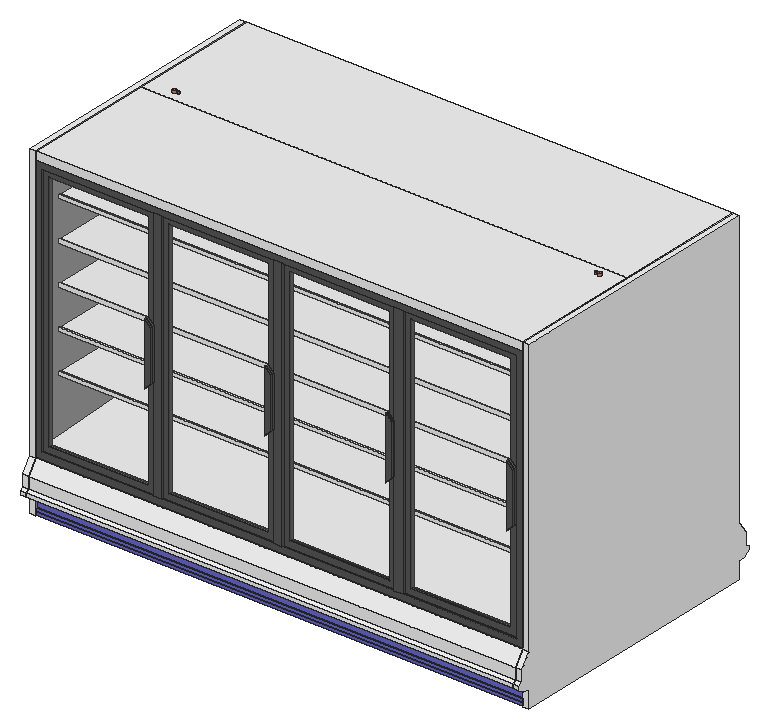
Revit family
Parameters (values of type "RLNI-4DR. Innov., Innov. II & III")
  Width = 72 1/4"
  Voltage - Electric Defrost [instance] = 208 V
  Voltage [instance] = 120 V
  URL = "www.hussmann.com"
  Type Comments = "Narrow LT Reach-In Island Merchandiser"
  Temp Sensor [instance] = "Low Voltage"
  Telephone = no
  System Control [instance] = "1.0 A"
  Revit Family Dates = "4/23/12PMA(0112)"
  Refrigerant Suction Connection Diameter [instance] = 7/8"
  Refrigerant Liquid Connection Diameter [instance] = 3/8"
  Refrig. Suction-2 [instance] = "Suction2"
  Refrig. Suction [instance] = "Suction"
  Refrig. Liquid-2 [instance] = "Liquid2"
  Refrig. Liquid [instance] = "Liquid"
  Phase [instance] = 1
  Number of Shelves = 0
  Model = "RLNI-4"
  Mirrored Right End Cap On/Off [instance] = yes
  Mirrored Left End Cap On/Off [instance] = yes
  Manufacturer = "Hussmann Corporation"
  MCA (Min Circ Amp) - 2 [instance] = 6.8 A
  MCA (Min Circ Amp) [instance] = 6.8 A
  Linear Shelf Length = 0"
  Length = 153 5/16"
  Height = 82 3/8"
  Front Height = 0"
  Frequency [instance] = 60 Hz
  Finish_Trim [instance] = Stainless Steel 2
  Finish_Top [instance] = none
  Finish_Shelf [instance] = Stainless Steel
  Finish_Handle = Metal Black-Door
  Finish_Glass [instance] = Glass 2
  Finish_Frame = Metal Black-Door
  Finish_Door [instance] = Metal Black-Door
  Finish_Case [instance] = Stainless Steel
  Finish_Bumper [instance] = Metal Blue-trim
  Finish_Base [instance] = Stainless Steel
  Elect. Defrost Amps-2 [instance] = "13.46 A"
  Elect. Defrost Amps [instance] = "13.46 A"
  Elect. Def. Amps - 2 [instance] = 13.46 A
  Elect. Def. Amps [instance] = 13.46 A
  EMS = no
  Drain Pipe Size = "1 1/4\""
  Drain Heaters-2 [instance] = 2 A
  Drain Heaters [instance] = 2 A
  Description = "Low Temperature Reach-in(Food or Ice Cream)"
  Depth = 39 3/4"
  Data = "N/A"
  Copper-Suction [instance] = Copper
  Copper-Liquid [instance] = Copper
  Case Lights-2 [instance] = 0.72 A
  Case Lights Amps-2 [instance] = "0.72 A"
  Case Lights Amps [instance] = "0.72 A"
  Case Lights [instance] = 0.72 A
  Case Fans (MCA)-2 [instance] = "6.80 A"
  Case Fans (MCA) [instance] = "6.80 A"
  Assembly Code = ""
  Accessories/Options = "N/A"
Reference planes (in)
  plane 1 "Center (Front/Back)": y = 0
  plane 2: z = 0
  plane 3: z = 13.375
  plane 4: z = 80.375
  plane 5: z = 82.375
  plane 6: x = -77.30699
  plane 7: x = 76.00551
  plane 8: x = -0.49449
  plane 9: y = -36.16436
  plane 10: y = -27.03936
  plane 11: y = -24.41436
  plane 12: y = 36.08564
  plane 13: y = 23.375
  plane 14: y = 20.75
  plane 15: x = 55.81606
  plane 16: y = -23.91436
  plane 17: y = -34.03936
  plane 18: x = 63.00551
  plane 19: x = -62.05894
  plane 20: x = 60.81606
  plane 21: x = -22.86949
  plane 22: x = 21.88051
Forms (in)
  Extrusion 1, solid, material "Stainless Steel" <- "Finish_Case"
    sketch origin (-77.30699, 3.58564, 0) x (0, 1, 0) y (0, 0, 1)
      loop
        line (-5, 4.63662) -> (-3.58564, 6.05098) -> (-3.58564, 82.375) -> (-36.8125, 82.375) -> (-36.8125, 80.375) -> (-5.25, 80.375) -> (-5.25, 8.32075) -> (-24.32494, 7.65464) -> (-25.55546, 6.42413) -> (-29.05546, 6.42413) -> (-31, 8.36867) -> (-33.25, 8.36867) -> (-33.25, 6.36867) -> (-30.25, 4.63662) -> (-5, 4.63662)
    from 15.24805 to 138.12305
  Extrusion 2, solid, material "Stainless Steel" <- "Finish_Case"
    sketch origin (-77.30699, 7.58564, 0) x (0, 1, 0) y (0, 0, 1)
      loop
        line (-37.25, 13.375) -> (-40.75, 13.06879) -> (-43.04431, 9.79218) -> (-43.04431, 7.04218) -> (-43.75, 6.33649) -> (-43.75, 5.46372) -> (-42.51777, 4.6009) -> (-40.75, 6.36867) -> (-40.75, 8.36867) -> (-37.25, 8.36867) -> (-37.25, 13.375)
    from 15.24805 to 138.12305
  Extrusion 3, solid, material "Stainless Steel" <- "Finish_Case"
    sketch origin (-77.30699, 3.58564, 0) x (0, 1, 0) y (0, 0, 1)
      loop
        line (-5.25, 80.375) -> (-32.75, 80.375) -> (-32.75, 79.30701) -> (-7.5, 78.86627) -> (-7.5, 8.24218) -> (-5.25, 8.32075) -> (-5.25, 80.375)
    from 15.24805 to 138.12305
  Extrusion 4, solid
    sketch origin (-77.30699, 3.58564, 0) x (0, 1, 0) y (0, 0, 1)
      loop
        line (-33, 79.31138) -> (-33, 78.31138) -> (-30, 78.31138) -> (-30, 79.25901) -> (-33, 79.31138)
    from 16.74805 to 136.62305
  Extrusion 5, solid, material "Stainless Steel" <- "Finish_Base"
    sketch origin (-77.30699, 3.58564, 0) x (0, 1, 0) y (0, 0, 1)
      loop
        line (-7.5, 8.24218) -> (-7.5, 14.02618) -> (-29, 14.02618) -> (-29, 11.02618)
        arc (-29, 11.02618) -> (-29.29289, 10.31907) -> (-30, 10.02618) r 1
        line (-30, 10.02618) -> (-31.25, 10.02618)
        arc (-31.25, 10.02618) -> (-31.95711, 10.31907) -> (-32.25, 11.02618) r 1
        line (-32.25, 11.02618) -> (-32.25, 13.375) -> (-33.25, 13.375) -> (-33.25, 8.36867) -> (-31, 8.36867) -> (-29.05546, 6.42413) -> (-25.55546, 6.42413) -> (-24.32494, 7.65464) -> (-7.5, 8.24218)
    from 15.24805 to 138.12305
  Extrusion 6, solid, material "Stainless Steel" <- "Finish_Shelf"
    sketch origin (-77.30699, 3.58564, 0) x (0, 1, 0) y (0, 0, 1)
      loop
        line (-7.5, 64.46157) -> (-7.5, 68.38662) -> (-8.5, 68.38662) -> (-8.5, 69.38662) -> (-29.5, 69.38662) -> (-29.5, 69.63662) -> (-29.75, 69.63662) -> (-29.75, 68.63662) -> (-29.5, 68.63662) -> (-29.5, 69.13662) -> (-26, 69.13662) -> (-26, 68.88662) -> (-13.81963, 68.88662) -> (-7.5, 64.46157)
      loop
        line (-34.54319, 13.85228) -> (-7.5, 15.26956) -> (-7.5, 16.27093) -> (-34.54319, 14.85366) -> (-34.54319, 13.85228)
      loop
        line (-7.5, 54.46157) -> (-7.5, 58.38662) -> (-8.5, 58.38662) -> (-8.5, 59.38662) -> (-29.5, 59.38662) -> (-29.5, 59.63662) -> (-29.75, 59.63662) -> (-29.75, 58.63662) -> (-29.5, 58.63662) -> (-29.5, 59.13662) -> (-26, 59.13662) -> (-26, 58.88662) -> (-13.81963, 58.88662) -> (-7.5, 54.46157)
      loop
        line (-7.5, 44.46157) -> (-7.5, 48.38662) -> (-8.5, 48.38662) -> (-8.5, 49.38662) -> (-29.5, 49.38662) -> (-29.5, 49.63662) -> (-29.75, 49.63662) -> (-29.75, 48.63662) -> (-29.5, 48.63662) -> (-29.5, 49.13662) -> (-26, 49.13662) -> (-26, 48.88662) -> (-13.81963, 48.88662) -> (-7.5, 44.46157)
      loop
        line (-7.5, 34.46157) -> (-7.5, 38.38662) -> (-8.5, 38.38662) -> (-8.5, 39.38662) -> (-29.5, 39.38662) -> (-29.5, 39.63662) -> (-29.75, 39.63662) -> (-29.75, 38.63662) -> (-29.5, 38.63662) -> (-29.5, 39.13662) -> (-26, 39.13662) -> (-26, 38.88662) -> (-13.81963, 38.88662) -> (-7.5, 34.46157)
      loop
        line (-7.5, 24.46157) -> (-7.5, 28.38662) -> (-8.5, 28.38662) -> (-8.5, 29.38662) -> (-29.5, 29.38662) -> (-29.5, 29.63662) -> (-29.75, 29.63662) -> (-29.75, 28.63662) -> (-29.5, 28.63662) -> (-29.5, 29.13662) -> (-26, 29.13662) -> (-26, 28.88662) -> (-13.81963, 28.88662) -> (-7.5, 24.46157)
    from 15.24805 to 138.12305
  Extrusion 7, solid, material "Stainless Steel"
    sketch origin (-60.55894, 3.58564, 0) x (0, 1, 0) y (0, 0, 1)
      loop
        line (0, 4.26162) -> (-33.84766, 4.26162) -> (-33.84766, 0) -> (0, 0) -> (0, 4.26162)
    from 0 to -1.5
  Extrusion 8, solid, material "Stainless Steel"
    sketch origin (59.31606, 3.58564, 0) x (0, 1, 0) y (0, 0, 1)
      loop
        line (0, 4.26162) -> (-33.84766, 4.26162) -> (-33.84766, 0) -> (0, 0) -> (0, 4.26162)
    from 0 to 1.5
  Extrusion 9, solid, material "Metal Blue-trim"
    sketch origin (-80.30699, 8.39814, 0) x (0, 1, 0) y (0, 0, 1)
      loop
        line (-38.66016, 4.7871) -> (-39.66016, 5.36445) -> (-39.66016, 4.26162) -> (-41.3125, 4.55297) -> (-41.3125, 1.75) -> (-41.5625, 1.75) -> (-41.5625, 1) -> (-41.3125, 1) -> (-41.3125, 0.75) -> (-41.5625, 0.75) -> (-41.5625, 0.19004) -> (-39.66016, 0.52548) -> (-39.66016, 0) -> (-38.66016, 0) -> (-38.66016, 4.7871)
    from 18.24805 to 141.12305
  Extrusion 10, solid, material "Stainless Steel"
    sketch origin (-80.30699, 3.58564, 0) x (0, 1, 0) y (0, 0, 1)
      loop
        line (-33.84766, 1.76162) -> (0, 1.76162) -> (0, 4.26162) -> (-33.84766, 4.26162) -> (-33.84766, 1.76162)
    from 18.24805 to 139.62305
  Extrusion 11, solid, material "Stainless Steel"
    sketch origin (-75.80699, 3.58564, 0) x (0, 1, 0) y (0, 0, 1)
      loop
        line (-0.5532, 1.76162) -> (-2.8032, 1.76162) -> (-2.8032, 0) -> (-0.5532, 0) -> (-0.5532, 1.76162)
      loop
        line (-29.125, 1.76162) -> (-29.125, 0) -> (-26.875, 0) -> (-26.875, 1.76162) -> (-29.125, 1.76162)
    from 13.74805 to 136.62305
  Extrusion 12, solid, material "Stainless Steel"
    sketch origin (-77.30699, 3.58564, 0) x (0, 1, 0) y (0, 0, 1)
      loop
        line (-2.5, 4.26162) -> (0, 4.26162) -> (0, 50.13662) -> (-2.5, 50.13662) -> (-2.5, 4.26162)
    from 15.24805 to 138.12305
  Sweep 13, solid, material "Metal Black-Door"
    path origin (15.24805, 6.77314, 0) x (1, 0, 0) y (0, 0, 1)
      loop
        line (-77.30699, 80.375) -> (-77.30699, 13.375) -> (45.56801, 13.375) -> (45.56801, 80.375) -> (-77.30699, 80.375)
    profile origin (-0.62144, 6.77314, 80.375) x (0, 0, 1) y (0, -1, 0)
      loop
        line (0, 40) -> (-1.5, 40) -> (-1.5, 38.5) -> (0, 38.5) -> (0, 40)
  Extrusion 14, solid, material "Metal Black-Door"
    sketch origin (15.24805, -33.22686, 0) x (0, 0, 1) y (1, 0, 0)
      loop
        line (78.875, -75.80699) -> (78.875, -47.53199) -> (14.875, -47.53199) -> (14.875, -75.80699) -> (78.875, -75.80699)
      loop
        line (77.375, -74.30699) -> (77.375, -49.03199) -> (16.375, -49.03199) -> (16.375, -74.30699) -> (77.375, -74.30699)
      loop
        line (78.875, -17.25699) -> (14.875, -17.25699) -> (14.875, -45.53199) -> (78.875, -45.53199) -> (78.875, -17.25699)
      loop
        line (77.375, -18.75699) -> (16.375, -18.75699) -> (16.375, -44.03199) -> (77.375, -44.03199) -> (77.375, -18.75699)
      loop
        line (78.875, -15.13199) -> (78.875, 13.14301) -> (14.875, 13.14301) -> (14.875, -15.13199) -> (78.875, -15.13199)
      loop
        line (77.375, -13.63199) -> (77.375, 11.64301) -> (16.375, 11.64301) -> (16.375, -13.63199) -> (77.375, -13.63199)
      loop
        line (78.875, 43.79301) -> (14.875, 43.79301) -> (14.875, 15.51801) -> (78.875, 15.51801) -> (78.875, 43.79301)
      loop
        line (77.375, 42.29301) -> (16.375, 42.29301) -> (16.375, 17.01801) -> (77.375, 17.01801) -> (77.375, 42.29301)
    from 0.5 to 1.5
  Extrusion 15, solid, material "Glass 2"
    sketch origin (15.24805, -32.47686, 0) x (1, 0, 0) y (0, 0, 1)
      loop
        line (-74.30699, 77.375) -> (-74.30699, 16.375) -> (-49.03199, 16.375) -> (-49.03199, 77.375) -> (-74.30699, 77.375)
      loop
        line (-18.75699, 77.375) -> (-44.03199, 77.375) -> (-44.03199, 16.375) -> (-18.75699, 16.375) -> (-18.75699, 77.375)
      loop
        line (-13.63199, 77.375) -> (-13.63199, 16.375) -> (11.64301, 16.375) -> (11.64301, 77.375) -> (-13.63199, 77.375)
      loop
        line (42.29301, 77.375) -> (17.01801, 77.375) -> (17.01801, 16.375) -> (42.29301, 16.375) -> (42.29301, 77.375)
    from 0 to -0.19922
  Extrusion 16, solid, material "Metal Black-Door"
    sketch origin (-19.6332, 3.64814, 31.9375) x (1, 0, 0) y (0, 0, 1)
      loop
        line (-14.15074, 22.8125) -> (-14.15074, 22.45895) -> (-12.90074, 21.20895) -> (-12.90074, 8.66605) -> (-14.15074, 7.41605) -> (-14.15074, 7.0625) -> (-12.65074, 8.5625) -> (-12.65074, 21.3125) -> (-14.15074, 22.8125)
    from 36.875 to 37.375
  Extrusion 17, solid, material "Metal Black-Door"
    sketch origin (-19.6332, -33.72686, 31.9375) x (1, 0, 0) y (0, 0, 1)
      loop
        line (-12.65074, 21.3125) -> (-14.15074, 22.8125) -> (-14.15074, 7.0625) -> (-12.65074, 8.5625) -> (-12.65074, 21.3125)
    from 0.25 to 0
  Extrusion 18, solid, material "Metal Black-Door"
    sketch origin (10.6418, 3.64814, 31.9375) x (1, 0, 0) y (0, 0, 1)
      loop
        line (-14.15074, 22.8125) -> (-14.15074, 22.45895) -> (-12.90074, 21.20895) -> (-12.90074, 8.66605) -> (-14.15074, 7.41605) -> (-14.15074, 7.0625) -> (-12.65074, 8.5625) -> (-12.65074, 21.3125) -> (-14.15074, 22.8125)
    from 36.875 to 37.375
  Extrusion 19, solid, material "Metal Black-Door"
    sketch origin (10.6418, -33.72686, 31.9375) x (1, 0, 0) y (0, 0, 1)
      loop
        line (-12.65074, 21.3125) -> (-14.15074, 22.8125) -> (-14.15074, 7.0625) -> (-12.65074, 8.5625) -> (-12.65074, 21.3125)
    from 0.25 to 0
  Extrusion 20, solid, material "Metal Black-Door"
    sketch origin (41.0418, 3.64814, 31.9375) x (1, 0, 0) y (0, 0, 1)
      loop
        line (-14.15074, 22.8125) -> (-14.15074, 22.45895) -> (-12.90074, 21.20895) -> (-12.90074, 8.66605) -> (-14.15074, 7.41605) -> (-14.15074, 7.0625) -> (-12.65074, 8.5625) -> (-12.65074, 21.3125) -> (-14.15074, 22.8125)
    from 36.875 to 37.375
  Extrusion 21, solid, material "Metal Black-Door"
    sketch origin (41.0418, -33.72686, 31.9375) x (1, 0, 0) y (0, 0, 1)
      loop
        line (-12.65074, 21.3125) -> (-14.15074, 22.8125) -> (-14.15074, 7.0625) -> (-12.65074, 8.5625) -> (-12.65074, 21.3125)
    from 0.25 to 0
  Extrusion 22, solid, material "Metal Black-Door"
    sketch origin (71.69234, 3.64814, 31.9375) x (1, 0, 0) y (0, 0, 1)
      loop
        line (-14.15128, 22.8125) -> (-14.15128, 22.45895) -> (-12.90074, 21.20895) -> (-12.90074, 8.66605) -> (-14.15128, 7.41605) -> (-14.15128, 7.0625) -> (-12.65074, 8.5625) -> (-12.65074, 21.3125) -> (-14.15128, 22.8125)
    from 36.875 to 37.375
  Extrusion 23, solid, material "Metal Black-Door"
    sketch origin (71.69234, -33.72686, 31.9375) x (1, 0, 0) y (0, 0, 1)
      loop
        line (-12.65074, 21.3125) -> (-14.15128, 22.8125) -> (-14.15128, 7.0625) -> (-12.65074, 8.5625) -> (-12.65074, 21.3125)
    from 0.25 to 0
  Extrusion 24, solid, material "Metal Black-Door"
    sketch origin (15.24805, -33.07843, 0) x (1, 0, 0) y (0, 0, 1)
      loop
        line (-47.53199, 78.875) -> (-47.53199, 14.875) -> (-45.53199, 14.875) -> (-45.53199, 78.875) -> (-47.53199, 78.875)
      loop
        line (-17.25699, 78.875) -> (-17.25699, 14.875) -> (-15.13199, 14.875) -> (-15.13199, 78.875) -> (-17.25699, 78.875)
      loop
        line (13.14301, 78.875) -> (13.14301, 14.875) -> (15.51801, 14.875) -> (15.51801, 78.875) -> (13.14301, 78.875)
    from 0.14844 to -1.35156
  Extrusion 25, solid, material "Stainless Steel" <- "Finish_Case"
    sketch origin (76.00551, -3.66436, 0) x (0, -1, 0) y (0, 0, 1)
      loop
        line (-5, 4.63662) -> (-3.66436, 5.97226) -> (-3.66436, 82.375) -> (-36.8125, 82.375) -> (-36.8125, 80.375) -> (-5.25, 80.375) -> (-5.25, 8.32075) -> (-24.32494, 7.65464) -> (-25.55546, 6.42413) -> (-29.05546, 6.42413) -> (-31, 8.36867) -> (-33.25, 8.36867) -> (-33.25, 6.36867) -> (-30.25, 4.63662) -> (-5, 4.63662)
    from 15.18945 to 138.06445
  Extrusion 26, solid, material "Stainless Steel" <- "Finish_Case"
    sketch origin (76.00551, -7.66436, 0) x (0, -1, 0) y (0, 0, 1)
      loop
        line (-37.25, 13.375) -> (-40.75, 13.06879) -> (-43.04431, 9.79218) -> (-43.04431, 7.04218) -> (-43.75, 6.33649) -> (-43.75, 5.46372) -> (-42.51777, 4.6009) -> (-40.75, 6.36867) -> (-40.75, 8.36867) -> (-37.25, 8.36867) -> (-37.25, 13.375)
    from 15.18945 to 138.06445
  Extrusion 27, solid, material "Stainless Steel" <- "Finish_Case"
    sketch origin (76.00551, -3.66436, 0) x (0, -1, 0) y (0, 0, 1)
      loop
        line (-5.25, 80.375) -> (-32.75, 80.375) -> (-32.75, 79.30701) -> (-7.5, 78.86627) -> (-7.5, 8.24218) -> (-5.25, 8.32075) -> (-5.25, 80.375)
    from 15.18945 to 138.06445
  Extrusion 28, solid
    sketch origin (76.00551, -3.66436, 0) x (0, -1, 0) y (0, 0, 1)
      loop
        line (-33, 79.31138) -> (-33, 78.31138) -> (-30, 78.31138) -> (-30, 79.25901) -> (-33, 79.31138)
    from 15.18945 to 136.56445
  Extrusion 29, solid, material "Stainless Steel" <- "Finish_Base"
    sketch origin (76.00551, -3.66436, 0) x (0, -1, 0) y (0, 0, 1)
      loop
        line (-7.5, 8.24218) -> (-7.5, 14.02618) -> (-29, 14.02618) -> (-29, 11.02618)
        arc (-29, 11.02618) -> (-29.29289, 10.31907) -> (-30, 10.02618) r 1
        line (-30, 10.02618) -> (-31.25, 10.02618)
        arc (-31.25, 10.02618) -> (-31.95711, 10.31907) -> (-32.25, 11.02618) r 1
        line (-32.25, 11.02618) -> (-32.25, 13.375) -> (-33.25, 13.375) -> (-33.25, 8.36867) -> (-31, 8.36867) -> (-29.05546, 6.42413) -> (-25.55546, 6.42413) -> (-24.32494, 7.65464) -> (-7.5, 8.24218)
    from 15.18945 to 138.06445
  Extrusion 30, solid, material "Stainless Steel" <- "Finish_Shelf"
    sketch origin (76.00551, -3.66436, 0) x (0, -1, 0) y (0, 0, 1)
      loop
        line (-7.5, 64.46157) -> (-7.5, 68.38662) -> (-8.5, 68.38662) -> (-8.5, 69.38662) -> (-29.5, 69.38662) -> (-29.5, 69.63662) -> (-29.75, 69.63662) -> (-29.75, 68.63662) -> (-29.5, 68.63662) -> (-29.5, 69.13662) -> (-26, 69.13662) -> (-26, 68.88662) -> (-13.81963, 68.88662) -> (-7.5, 64.46157)
      loop
        line (-34.54319, 13.85228) -> (-7.5, 15.26956) -> (-7.5, 16.27093) -> (-34.54319, 14.85366) -> (-34.54319, 13.85228)
      loop
        line (-7.5, 54.46157) -> (-7.5, 58.38662) -> (-8.5, 58.38662) -> (-8.5, 59.38662) -> (-29.5, 59.38662) -> (-29.5, 59.63662) -> (-29.75, 59.63662) -> (-29.75, 58.63662) -> (-29.5, 58.63662) -> (-29.5, 59.13662) -> (-26, 59.13662) -> (-26, 58.88662) -> (-13.81963, 58.88662) -> (-7.5, 54.46157)
      loop
        line (-7.5, 44.46157) -> (-7.5, 48.38662) -> (-8.5, 48.38662) -> (-8.5, 49.38662) -> (-29.5, 49.38662) -> (-29.5, 49.63662) -> (-29.75, 49.63662) -> (-29.75, 48.63662) -> (-29.5, 48.63662) -> (-29.5, 49.13662) -> (-26, 49.13662) -> (-26, 48.88662) -> (-13.81963, 48.88662) -> (-7.5, 44.46157)
      loop
        line (-7.5, 34.46157) -> (-7.5, 38.38662) -> (-8.5, 38.38662) -> (-8.5, 39.38662) -> (-29.5, 39.38662) -> (-29.5, 39.63662) -> (-29.75, 39.63662) -> (-29.75, 38.63662) -> (-29.5, 38.63662) -> (-29.5, 39.13662) -> (-26, 39.13662) -> (-26, 38.88662) -> (-13.81963, 38.88662) -> (-7.5, 34.46157)
      loop
        line (-7.5, 24.46157) -> (-7.5, 28.38662) -> (-8.5, 28.38662) -> (-8.5, 29.38662) -> (-29.5, 29.38662) -> (-29.5, 29.63662) -> (-29.75, 29.63662) -> (-29.75, 28.63662) -> (-29.5, 28.63662) -> (-29.5, 29.13662) -> (-26, 29.13662) -> (-26, 28.88662) -> (-13.81963, 28.88662) -> (-7.5, 24.46157)
    from 15.18945 to 138.06445
  Extrusion 31, solid, material "Stainless Steel"
    sketch origin (59.31606, -3.66436, 0) x (0, -1, 0) y (0, 0, 1)
      loop
        line (0, 4.26162) -> (-33.84766, 4.26162) -> (-33.84766, 0) -> (0, 0) -> (0, 4.26162)
    from 0 to -1.5
  Extrusion 32, solid, material "Stainless Steel"
    sketch origin (-60.55894, -3.66436, 0) x (0, -1, 0) y (0, 0, 1)
      loop
        line (0, 4.26162) -> (-33.84766, 4.26162) -> (-33.84766, 0) -> (0, 0) -> (0, 4.26162)
    from 0 to 1.5
  Extrusion 33, solid, material "Metal Blue-trim"
    sketch origin (79.00551, -8.47686, 0) x (0, -1, 0) y (0, 0, 1)
      loop
        line (-38.66016, 4.7871) -> (-39.66016, 5.36445) -> (-39.66016, 4.26162) -> (-41.3125, 4.55297) -> (-41.3125, 1.75) -> (-41.5625, 1.75) -> (-41.5625, 1) -> (-41.3125, 1) -> (-41.3125, 0.75) -> (-41.5625, 0.75) -> (-41.5625, 0.19004) -> (-39.66016, 0.52548) -> (-39.66016, 0) -> (-38.66016, 0) -> (-38.66016, 4.7871)
    from 18.18945 to 141.06445
  Extrusion 34, solid, material "Stainless Steel"
    sketch origin (79.00551, -3.66436, 0) x (0, -1, 0) y (0, 0, 1)
      loop
        line (-33.84766, 1.76162) -> (0, 1.76162) -> (0, 4.26162) -> (-33.84766, 4.26162) -> (-33.84766, 1.76162)
    from 19.68945 to 141.06445
  Extrusion 35, solid, material "Stainless Steel"
    sketch origin (74.50551, -3.66436, 0) x (0, -1, 0) y (0, 0, 1)
      loop
        line (-0.5532, 1.76162) -> (-2.8032, 1.76162) -> (-2.8032, 0) -> (-0.5532, 0) -> (-0.5532, 1.76162)
      loop
        line (-29.125, 1.76162) -> (-29.125, 0) -> (-26.875, 0) -> (-26.875, 1.76162) -> (-29.125, 1.76162)
    from 15.18945 to 136.56445
  Extrusion 36, solid, material "Stainless Steel"
    sketch origin (76.00551, -3.66436, 0) x (0, -1, 0) y (0, 0, 1)
      loop
        line (-2.5, 4.26162) -> (0, 4.26162) -> (0, 50.13662) -> (-2.5, 50.13662) -> (-2.5, 4.26162)
    from 15.18945 to 138.06445
  Sweep 37, solid, material "Metal Black-Door"
    path origin (13.94657, -6.85186, 0) x (-1, 0, 0) y (0, 0, 1)
      loop
        line (-46.86949, 80.375) -> (-46.86949, 13.375) -> (76.00551, 13.375) -> (76.00551, 80.375) -> (-46.86949, 80.375)
    profile origin (-0.62144, -6.85186, 80.375) x (0, 0, 1) y (0, 1, 0)
      loop
        line (0, 40) -> (-1.5, 40) -> (-1.5, 38.5) -> (0, 38.5) -> (0, 40)
  Extrusion 38, solid, material "Metal Black-Door"
    sketch origin (13.94657, 33.14814, 0) x (0, 0, 1) y (-1, 0, 0)
      loop
        line (78.875, -17.25699) -> (14.875, -17.25699) -> (14.875, -45.53199) -> (78.875, -45.53199) -> (78.875, -17.25699)
      loop
        line (77.375, -18.75699) -> (16.375, -18.75699) -> (16.375, -44.03199) -> (77.375, -44.03199) -> (77.375, -18.75699)
      loop
        line (78.875, -15.13199) -> (78.875, 13.14301) -> (14.875, 13.14301) -> (14.875, -15.13199) -> (78.875, -15.13199)
      loop
        line (77.375, -13.63199) -> (77.375, 11.64301) -> (16.375, 11.64301) -> (16.375, -13.63199) -> (77.375, -13.63199)
      loop
        line (78.875, 43.79301) -> (14.875, 43.79301) -> (14.875, 15.51801) -> (78.875, 15.51801) -> (78.875, 43.79301)
      loop
        line (77.375, 42.29301) -> (16.375, 42.29301) -> (16.375, 17.01801) -> (77.375, 17.01801) -> (77.375, 42.29301)
      loop
        line (78.875, 46.23051) -> (78.875, 74.50551) -> (14.875, 74.50551) -> (14.875, 46.23051) -> (78.875, 46.23051)
      loop
        line (77.375, 47.73051) -> (77.375, 73.00551) -> (16.375, 73.00551) -> (16.375, 47.73051) -> (77.375, 47.73051)
    from 0.5 to 1.5
  Extrusion 39, solid, material "Glass 2"
    sketch origin (13.94657, 32.39814, 0) x (-1, 0, 0) y (0, 0, 1)
      loop
        line (-18.75699, 77.375) -> (-44.03199, 77.375) -> (-44.03199, 16.375) -> (-18.75699, 16.375) -> (-18.75699, 77.375)
      loop
        line (-13.63199, 77.375) -> (-13.63199, 16.375) -> (11.64301, 16.375) -> (11.64301, 77.375) -> (-13.63199, 77.375)
      loop
        line (42.29301, 77.375) -> (17.01801, 77.375) -> (17.01801, 16.375) -> (42.29301, 16.375) -> (42.29301, 77.375)
      loop
        line (47.73051, 77.375) -> (47.73051, 16.375) -> (73.00551, 16.375) -> (73.00551, 77.375) -> (47.73051, 77.375)
    from 0 to -0.19922
  Extrusion 40, solid, material "Metal Black-Door"
    sketch origin (18.55282, -3.72686, 31.9375) x (-1, 0, 0) y (0, 0, 1)
      loop
        line (-14.15074, 22.8125) -> (-14.15074, 22.45895) -> (-12.90074, 21.20895) -> (-12.90074, 8.66605) -> (-14.15074, 7.41605) -> (-14.15074, 7.0625) -> (-12.65074, 8.5625) -> (-12.65074, 21.3125) -> (-14.15074, 22.8125)
    from 36.875 to 37.375
  Extrusion 41, solid, material "Metal Black-Door"
    sketch origin (18.55282, 33.64814, 31.9375) x (-1, 0, 0) y (0, 0, 1)
      loop
        line (-12.65074, 21.3125) -> (-14.15074, 22.8125) -> (-14.15074, 7.0625) -> (-12.65074, 8.5625) -> (-12.65074, 21.3125)
    from 0.25 to 0
  Extrusion 42, solid, material "Metal Black-Door"
    sketch origin (-11.84718, -3.72686, 31.9375) x (-1, 0, 0) y (0, 0, 1)
      loop
        line (-14.15074, 22.8125) -> (-14.15074, 22.45895) -> (-12.90074, 21.20895) -> (-12.90074, 8.66605) -> (-14.15074, 7.41605) -> (-14.15074, 7.0625) -> (-12.65074, 8.5625) -> (-12.65074, 21.3125) -> (-14.15074, 22.8125)
    from 36.875 to 37.375
  Extrusion 43, solid, material "Metal Black-Door"
    sketch origin (-11.84718, 33.64814, 31.9375) x (-1, 0, 0) y (0, 0, 1)
      loop
        line (-12.65074, 21.3125) -> (-14.15074, 22.8125) -> (-14.15074, 7.0625) -> (-12.65074, 8.5625) -> (-12.65074, 21.3125)
    from 0.25 to 0
  Extrusion 44, solid, material "Metal Black-Door"
    sketch origin (-42.49772, -3.72686, 31.9375) x (-1, 0, 0) y (0, 0, 1)
      loop
        line (-14.15128, 22.8125) -> (-14.15128, 22.45895) -> (-12.90074, 21.20895) -> (-12.90074, 8.66605) -> (-14.15128, 7.41605) -> (-14.15128, 7.0625) -> (-12.65074, 8.5625) -> (-12.65074, 21.3125) -> (-14.15128, 22.8125)
    from 36.875 to 37.375
  Extrusion 45, solid, material "Metal Black-Door"
    sketch origin (-42.49772, 33.64814, 31.9375) x (-1, 0, 0) y (0, 0, 1)
      loop
        line (-12.65074, 21.3125) -> (-14.15128, 22.8125) -> (-14.15128, 7.0625) -> (-12.65074, 8.5625) -> (-12.65074, 21.3125)
    from 0.25 to 0
  Extrusion 46, solid, material "Metal Black-Door"
    sketch origin (-73.21022, -3.72686, 31.9375) x (-1, 0, 0) y (0, 0, 1)
      loop
        line (-14.15128, 22.8125) -> (-14.15128, 22.45895) -> (-12.90074, 21.20895) -> (-12.90074, 8.66605) -> (-14.15128, 7.41605) -> (-14.15128, 7.0625) -> (-12.65074, 8.5625) -> (-12.65074, 21.3125) -> (-14.15128, 22.8125)
    from 36.875 to 37.375
  Extrusion 47, solid, material "Metal Black-Door"
    sketch origin (-73.21022, 33.64814, 31.9375) x (-1, 0, 0) y (0, 0, 1)
      loop
        line (-12.65074, 21.3125) -> (-14.15128, 22.8125) -> (-14.15128, 7.0625) -> (-12.65074, 8.5625) -> (-12.65074, 21.3125)
    from 0.25 to 0
  Extrusion 48, solid, material "Metal Black-Door"
    sketch origin (13.94657, 32.9997, 0) x (-1, 0, 0) y (0, 0, 1)
      loop
        line (-17.25699, 78.875) -> (-17.25699, 14.875) -> (-15.13199, 14.875) -> (-15.13199, 78.875) -> (-17.25699, 78.875)
      loop
        line (13.14301, 78.875) -> (13.14301, 14.875) -> (15.51801, 14.875) -> (15.51801, 78.875) -> (13.14301, 78.875)
      loop
        line (43.79301, 78.875) -> (43.79301, 14.875) -> (46.23051, 14.875) -> (46.23051, 78.875) -> (43.79301, 78.875)
    from 0.14844 to -1.35156
  Extrusion 49, solid, material "Glass 2"
    sketch origin (-15.18945, 10.58564, 0) x (1, 0, 0) y (0, 1, 0)
      loop
        circle (63.00551, -37.625) r 0.25
      loop
        circle (63.00551, -37.625) r 0.22784
      loop
        circle (62.41614, -37.625) r 0.25
      loop
        circle (62.41614, -37.625) r 0.22784
      loop
        circle (61.8347, -37.625) r 0.25
      loop
        circle (61.8347, -37.625) r 0.22784
      loop
        circle (61.26778, -37.625) r 0.25
      loop
        circle (61.26778, -37.625) r 0.22784
      loop
        circle (60.694, -37.625) r 0.25
      loop
        circle (60.694, -37.625) r 0.22784
    from 4.26162 to 1
  Extrusion 50, solid, material "Glass 2"
    sketch origin (-110.25195, 64.58564, 0) x (1, 0, 0) y (0, 1, 0)
      loop
        circle (63.00551, -37.625) r 0.25
      loop
        circle (63.00551, -37.625) r 0.22784
      loop
        circle (62.41614, -37.625) r 0.25
      loop
        circle (62.41614, -37.625) r 0.22784
      loop
        circle (61.8347, -37.625) r 0.25
      loop
        circle (61.8347, -37.625) r 0.22784
      loop
        circle (61.26778, -37.625) r 0.25
      loop
        circle (61.26778, -37.625) r 0.22784
      loop
        circle (63.59488, -37.625) r 0.25
      loop
        circle (63.59488, -37.625) r 0.22784
    from 4.26162 to 1
  Extrusion 51, solid, material "Copper" <- "Copper-Suction"
    sketch origin (-15.18945, 0, 0) x (1, 0, 0) y (0, 1, 0)
      loop
        circle (71.00551, -22.57092) r 0.4375
      loop
        circle (71.00551, -22.57092) r 0.40773
    from 1.76162 to 1.51556
  Extrusion 52, solid, material "Copper" <- "Copper-Liquid"
    sketch origin (-15.18945, 0, 0) x (1, 0, 0) y (0, 1, 0)
      loop
        circle (69.97066, -22.57092) r 0.1875
      loop
        circle (69.97066, -22.57092) r 0.16378
    from 1.76162 to 1.51556
  Extrusion 53, solid, material "Copper" <- "Copper-Suction"
    sketch origin (15.46002, -0.12786, 0) x (-1, 0, 0) y (0, -1, 0)
      loop
        circle (71.00551, -22.57092) r 0.4375
      loop
        circle (71.00551, -22.57092) r 0.40773
    from 1.76162 to 1.5196
  Extrusion 54, solid, material "Copper" <- "Copper-Liquid"
    sketch origin (15.46002, -0.12786, 0) x (-1, 0, 0) y (0, -1, 0)
      loop
        circle (69.97066, -22.57092) r 0.1875
      loop
        circle (69.97066, -22.57092) r 0.16378
    from 1.76162 to 1.5196
  Extrusion 55, solid, material "Copper" <- "Copper-Suction"
    sketch origin (15.46002, -20.12745, 0) x (-1, 0, 0) y (0, -1, 0)
      loop
        circle (71.00551, -22.57092) r 0.4375
      loop
        circle (71.00551, -22.57092) r 0.40773
    from 82.81138 to 82.375
  Extrusion 56, solid, material "Copper" <- "Copper-Liquid"
    sketch origin (15.46002, -20.12745, 0) x (-1, 0, 0) y (0, -1, 0)
      loop
        circle (69.97066, -22.57092) r 0.1875
      loop
        circle (69.97066, -22.57092) r 0.16378
    from 82.81138 to 82.375
  Extrusion 57, solid, material "Copper" <- "Copper-Suction"
    sketch origin (-15.18945, 19.99882, 0) x (1, 0, 0) y (0, 1, 0)
      loop
        circle (71.00551, -22.57092) r 0.4375
      loop
        circle (71.00551, -22.57092) r 0.40773
    from 82.81138 to 82.375
  Extrusion 58, solid, material "Copper" <- "Copper-Liquid"
    sketch origin (-15.18945, 19.99882, 0) x (1, 0, 0) y (0, 1, 0)
      loop
        circle (69.97066, -22.57092) r 0.1875
      loop
        circle (69.97066, -22.57092) r 0.16378
    from 82.81138 to 82.375
  Extrusion 59, solid, material "Glass 2"
    sketch origin (0, 0, 0) x (1, 0, 0) y (0, 1, 0)
      loop
        circle (-0.49449, -27.03936) r 0.625
      loop
        circle (-0.49449, -27.03936) r 0.59162
      loop
        circle (-0.49449, 27.03936) r 0.625
      loop
        circle (-0.49449, 27.03936) r 0.59162
    from 4.26162 to 1
Lines and regions (in)
  symbolic lines
    curve 1: line (-62.05894, 0, 0) -> (60.81606, 0, 0)
    curve 2: line (-62.05894, -36.16436, 0) -> (-62.05894, 0, 0)
    curve 3: line (60.81606, -36.16436, 0) -> (-62.05894, -36.16436, 0)
    curve 4: line (60.81606, 0, 0) -> (60.81606, -36.16436, 0)
    curve 5: line (60.81606, -7.25, 0) -> (-62.05894, -7.25, 0)
    curve 6: line (60.81606, 36.08564, 0) -> (60.81606, -7.25, 0)
    curve 7: line (-62.05894, 36.08564, 0) -> (60.81606, 36.08564, 0)
    curve 8: line (-62.05894, -7.25, 0) -> (-62.05894, 36.08564, 0)
Dimensions and locks (in)
  plane 5 to level = 82 3/8"
  plane 19 to plane 20 = 122 7/8"
  plane 20 to plane 19 = 122 7/8"
  Extrusion 2 to Extrusion 26 = 72 1/4"
  plane 1 "Center (Front/Back)" to plane 9 = 36.16436"
  plane 1 "Center (Front/Back)" to plane 10 = 27.03936"
  plane 1 "Center (Front/Back)" to plane 11 = 24.41436"
  plane 9 to plane 1 "Center (Front/Back)" = 36.16436"
  plane 10 to plane 1 "Center (Front/Back)" = 27.03936"
  plane 11 to plane 1 "Center (Front/Back)" = 24.41436"
Nested families (in)
  nested 1: "RLNI-INNOVATORII_LH-END CAP MIRRORED" at (-63.55894, 0, 0), visible <- "Mirrored Left End Cap On/Off", type "RLNI LH End Cap (Mirrored)"
    with Color - End Cap Stainless Steel
  nested 2: "RLNI-INNOVATORII_RH-END CAP MIRRORED" at (60.81606, 0, 0), visible <- "Mirrored Right End Cap On/Off", type "RLNI RH End Cap (Mirrored)"
    with Color - End Cap Stainless Steel
  nested 3: "Case Model TXT" at (-0.49449, -6.22124, 0), type "Case Model TXT"
  nested 4: "Case Nodes" at (47.81577, -27.03936, 0), type "Case Nodes"
  nested 5: "Case Nodes" at (55.81493, -22.57009, 0), type "Case Nodes"
  nested 6: "Case Nodes" at (55.81335, -2.57127, 0), type "Case Nodes"
  nested 7: "Case Nodes" at (-55.54009, 22.46064, 0), type "Case Nodes"
  nested 8: "Case Nodes" at (-48.98334, 26.96169, 0), type "Case Nodes"
  nested 9: "Case Nodes" at (-22.86949, -33.16436, 0), type "Case Nodes"
  nested 10: "Case Nodes" at (-22.86949, 33.08564, 0), type "Case Nodes"
  nested 11: "Case Nodes" at (-22.86949, -27.03936, 0), type "Case Nodes"
  nested 12: "Case Nodes" at (21.88051, -33.16436, 0), type "Case Nodes"
  nested 13: "Case Nodes" at (21.88051, -27.03936, 0), type "Case Nodes"
  nested 14: "Case Nodes" at (-22.86949, 33.08564, 0), type "Case Nodes"
  nested 15: "Case Nodes" at (-22.86949, 27.03936, 0), type "Case Nodes"
  nested 16: "Case Nodes" at (21.88051, 33.08564, 0), type "Case Nodes"
  nested 17: "Case Nodes" at (21.88051, 27.03936, 0), type "Case Nodes"
  nested 18: "Case Nodes" at (-55.54009, 2.44357, 0), type "Case Nodes"
Connectors (in)
  electrical at (47.81606, -27.03936, 1), driven by "Voltage - Electric Defrost", driven by "Phase", driven by "Elect. Defrost Amps"
    settings: on Extrusion 49, index 5, voltage 208 V, apparent load 0 VA, apparent load phase1 0 VA, apparent load phase2 0 VA, apparent load phase3 0 VA, power factor 1, load classification "Elect. Defrost Heaters", number of poles 1, system type 30, power factor state 1, is connector primary yes, connector utility no, sub classification motor no, connector description "13.46 A"
  electrical at (47.22669, -27.03936, 1), driven by "Phase", driven by "Voltage", driven by "Case Fans (MCA)"
    settings: on Extrusion 49, index 6, voltage 120 V, apparent load 0 VA, apparent load phase1 0 VA, apparent load phase2 0 VA, apparent load phase3 0 VA, power factor 1, load classification "Other", number of poles 1, system type 30, power factor state 1, is connector primary no, connector utility no, sub classification motor no, connector description "6.80 A"
  electrical at (-48.98417, 26.96064, 1), driven by "Phase", driven by "Voltage - Electric Defrost", driven by "Elect. Defrost Amps-2"
    settings: on Extrusion 50, index 9, voltage 208 V, apparent load 0 VA, apparent load phase1 0 VA, apparent load phase2 0 VA, apparent load phase3 0 VA, power factor 1, load classification "Other", number of poles 1, system type 30, power factor state 1, is connector primary no, connector utility no, sub classification motor no, connector description "13.46 A"
  electrical at (-48.41726, 26.96064, 1), driven by "Phase", driven by "Voltage", driven by "Case Fans (MCA)-2"
    settings: on Extrusion 50, index 10, voltage 120 V, apparent load 0 VA, apparent load phase1 0 VA, apparent load phase2 0 VA, apparent load phase3 0 VA, power factor 1, load classification "Other", number of poles 1, system type 30, power factor state 1, is connector primary no, connector utility no, sub classification motor no, connector description "6.80 A"
  piping at (55.81606, -22.57092, 1.51556), driven by "Refrig. Suction"
    settings: on Extrusion 51, index 17, connector radius 7/16", flow factor 0, pipe flow 0 GPM, pressure drop 0.00 psi, fitting loss kfactor 0, connector angle 0.00°, fixture units 0, flow configuration 0, flow direction 2, fitting loss method 0, system type 22, connector reference index -1, connector utility 0, adjustable connector no, is connector primary yes, fitting loss table "", connector description "Suction"
  piping at (54.78121, -22.57092, 1.51556), driven by "Refrig. Liquid"
    settings: on Extrusion 52, index 18, connector radius 3/16", flow factor 0, pipe flow 0 GPM, pressure drop 0.00 psi, fitting loss kfactor 0, connector angle 0.00°, fixture units 0, flow configuration 0, flow direction 1, fitting loss method 0, system type 22, connector reference index -1, connector utility 0, adjustable connector no, is connector primary no, fitting loss table "", connector description "Liquid"
  piping at (-55.54549, 22.44306, 1.5196), driven by "Refrig. Suction"
    settings: on Extrusion 53, index 19, connector radius 7/16", flow factor 0, pipe flow 0 GPM, pressure drop 0.00 psi, fitting loss kfactor 0, connector angle 0.00°, fixture units 0, flow configuration 0, flow direction 2, fitting loss method 0, system type 22, connector reference index -1, connector utility 0, adjustable connector no, is connector primary no, fitting loss table "", connector description "Suction"
  piping at (-54.51065, 22.44306, 1.5196), driven by "Refrig. Liquid"
    settings: on Extrusion 54, index 20, connector radius 3/16", flow factor 0, pipe flow 0 GPM, pressure drop 0.00 psi, fitting loss kfactor 0, connector angle 0.00°, fixture units 0, flow configuration 0, flow direction 1, fitting loss method 0, system type 22, connector reference index -1, connector utility 0, adjustable connector no, is connector primary no, fitting loss table "", connector description "Liquid"
  piping at (55.81606, -2.5721, 82.81138), driven by "Refrig. Suction-2"
    settings: on Extrusion 57, index 21, connector radius 7/16", flow factor 0, pipe flow 0 GPM, pressure drop 0.00 psi, fitting loss kfactor 0, connector angle 0.00°, fixture units 0, flow configuration 0, flow direction 2, fitting loss method 0, system type 22, connector reference index -1, connector utility 0, adjustable connector no, is connector primary no, fitting loss table "", connector description "Suction2"
  piping at (54.78121, -2.5721, 82.81138), driven by "Refrig. Liquid-2"
    settings: on Extrusion 58, index 22, connector radius 3/16", flow factor 0, pipe flow 0 GPM, pressure drop 0.00 psi, fitting loss kfactor 0, connector angle 0.00°, fixture units 0, flow configuration 0, flow direction 1, fitting loss method 0, system type 22, connector reference index -1, connector utility 0, adjustable connector no, is connector primary no, fitting loss table "", connector description "Liquid2"
  piping at (-55.54549, 2.44347, 82.81138), driven by "Refrig. Suction-2"
    settings: on Extrusion 55, index 23, connector radius 7/16", flow factor 0, pipe flow 0 GPM, pressure drop 0.00 psi, fitting loss kfactor 0, connector angle 0.00°, fixture units 0, flow configuration 0, flow direction 2, fitting loss method 0, system type 22, connector reference index -1, connector utility 0, adjustable connector no, is connector primary no, fitting loss table "", connector description "Suction2"
  piping at (-54.51065, 2.44347, 82.81138), driven by "Refrig. Liquid-2"
    settings: on Extrusion 56, index 24, connector radius 3/16", flow factor 0, pipe flow 0 GPM, pressure drop 0.00 psi, fitting loss kfactor 0, connector angle 0.00°, fixture units 0, flow configuration 0, flow direction 1, fitting loss method 0, system type 22, connector reference index -1, connector utility 0, adjustable connector no, is connector primary no, fitting loss table "", connector description "Liquid2"
  electrical at (46.64524, -27.03936, 1), driven by "Phase", driven by "Voltage", driven by "Case Lights Amps"
    settings: on Extrusion 49, index 25, voltage 120 V, apparent load 0 VA, apparent load phase1 0 VA, apparent load phase2 0 VA, apparent load phase3 0 VA, power factor 1, load classification "Other", number of poles 1, system type 30, power factor state 1, is connector primary no, connector utility no, sub classification motor no, connector description "0.72 A"
  electrical at (46.07833, -27.03936, 1), driven by "System Control"
    settings: on Extrusion 49, index 26, voltage 0 V, apparent load 0 VA, apparent load phase1 0 VA, apparent load phase2 0 VA, apparent load phase3 0 VA, power factor 1, load classification "Other", number of poles 1, system type 13, power factor state 1, is connector primary no, connector utility no, sub classification motor no, connector description "1.0 A"
  electrical at (45.50454, -27.03936, 1), driven by "Temp Sensor"
    settings: on Extrusion 49, index 27, voltage 0 V, apparent load 0 VA, apparent load phase1 0 VA, apparent load phase2 0 VA, apparent load phase3 0 VA, power factor 1, load classification "Other", number of poles 1, system type 5, power factor state 1, is connector primary no, connector utility no, sub classification motor no, connector description "Low Voltage"
  electrical at (-46.65707, 26.96064, 1), driven by "Temp Sensor"
    settings: on Extrusion 50, index 28, voltage 0 V, apparent load 0 VA, apparent load phase1 0 VA, apparent load phase2 0 VA, apparent load phase3 0 VA, power factor 1, load classification "Other", number of poles 1, system type 5, power factor state 1, is connector primary no, connector utility no, sub classification motor no, connector description "Low Voltage"
  electrical at (-47.24644, 26.96064, 1), driven by "System Control"
    settings: on Extrusion 50, index 29, voltage 0 V, apparent load 0 VA, apparent load phase1 0 VA, apparent load phase2 0 VA, apparent load phase3 0 VA, power factor 1, load classification "Other", number of poles 1, system type 13, power factor state 1, is connector primary no, connector utility no, sub classification motor no, connector description "1.0 A"
  electrical at (-47.83581, 26.96064, 1), driven by "Phase", driven by "Voltage", driven by "Case Lights Amps-2"
    settings: on Extrusion 50, index 30, voltage 120 V, apparent load 0 VA, apparent load phase1 0 VA, apparent load phase2 0 VA, apparent load phase3 0 VA, power factor 1, load classification "Other", number of poles 1, system type 30, power factor state 1, is connector primary no, connector utility no, sub classification motor no, connector description "0.72 A"
  piping at (-0.49449, -27.03936, 1), driven by "Drain Pipe Size"
    settings: on Extrusion 59, index 31, connector radius 5/8", flow factor 0, pipe flow 0 GPM, pressure drop 0.00 psi, fitting loss kfactor 0, connector angle 0.00°, fixture units 0, flow configuration 0, flow direction 2, fitting loss method 0, system type 16, connector reference index -1, connector utility 0, adjustable connector no, is connector primary no, fitting loss table "", connector description "1 1/4\""
  piping at (-0.49449, 27.03936, 1), driven by "Drain Pipe Size"
    settings: on Extrusion 59, index 32, connector radius 5/8", flow factor 0, pipe flow 0 GPM, pressure drop 0.00 psi, fitting loss kfactor 0, connector angle 0.00°, fixture units 0, flow configuration 0, flow direction 2, fitting loss method 0, system type 16, connector reference index -1, connector utility 0, adjustable connector no, is connector primary no, fitting loss table "", connector description "1 1/4\""
Definition of nested family "RLNI-INNOVATORII_LH-END CAP MIRRORED"
  Parameters (values of type "RLNI LH End Cap (Mirrored)")
    URL = "www.hussmann.com"
    Model = "RLNI-END CAP"
    Manufacturer = "Hussmann Corporation"
    Color - End Cap [instance] = Stainless Steel
  Reference planes (in)
    plane 1 "Center (Front/Back)": y = 0
    plane 2: z = 0
    plane 3 "Center (Left/Right)": x = 0
    plane 4: y = -36.16436
    plane 5: y = 36.08564
    plane 6: x = 1.5
  Forms (in)
    Extrusion 1, solid, material "Stainless Steel" <- "Color - End Cap"
      sketch origin (0, 0, 0.3753) x (0, 1, 0) y (0, 0, 1)
        loop
          line (-33.16436, -0.3753) -> (33.08564, -0.3753) -> (33.08564, 4) -> (34.53078, 4) -> (36.08564, 5.08872) -> (36.08564, 5.96149) -> (35.37994, 6.66718) -> (35.37994, 9.41718) -> (33.14814, 12.60453) -> (33.14814, 82) -> (-33.22686, 82) -> (-33.22686, 12.60453) -> (-35.45867, 9.41718) -> (-35.45867, 6.66718) -> (-36.16436, 5.96149) -> (-36.16436, 5.08872) -> (-34.60951, 4) -> (-33.16436, 4) -> (-33.16436, -0.3753)
      from 0 to 1.5
  Dimensions and locks (in)
    plane 3 "Center (Left/Right)" to plane 6 = 1 1/2"
    plane 4 to plane 5 = 72 1/4"
    aligned and locked: level to plane 2
    aligned and locked: plane 6 to Extrusion 1
Definition of nested family "RLNI-INNOVATORII_RH-END CAP MIRRORED"
  Parameters (values of type "RLNI RH End Cap (Mirrored)")
    URL = "www.hussmann.com"
    Model = "RLNI-END CAP"
    Manufacturer = "Hussmann Corporation"
    Color - End Cap [instance] = Stainless Steel
  Reference planes (in)
    plane 1 "Center (Front/Back)": y = 0
    plane 2: z = 0
    plane 3 "Center (Left/Right)": x = 0
    plane 4: y = -36.16436
    plane 5: y = 36.08564
    plane 6: x = 1.5
  Forms (in)
    Extrusion 1, solid, material "Stainless Steel" <- "Color - End Cap"
      sketch origin (0, 0, 0.3764) x (0, 1, 0) y (0, 0, 1)
        loop
          line (-33.16436, -0.3764) -> (33.08564, -0.3764) -> (33.08564, 4) -> (34.53078, 4) -> (36.08564, 5.08872) -> (36.08564, 5.96149) -> (35.37994, 6.66718) -> (35.37994, 9.41718) -> (33.14814, 12.60453) -> (33.14814, 82) -> (-33.22686, 82) -> (-33.22686, 12.60453) -> (-35.45867, 9.41718) -> (-35.45867, 6.66718) -> (-36.16436, 5.96149) -> (-36.16436, 5.08872) -> (-34.60951, 4) -> (-33.16436, 4) -> (-33.16436, -0.3764)
      from 0 to 1.5
  Dimensions and locks (in)
    plane 3 "Center (Left/Right)" to plane 6 = 1 1/2"
    plane 4 to plane 5 = 72 1/4"
    aligned and locked: level to plane 2
    aligned and locked: plane 6 to Extrusion 1
Definition of nested family "Case Model TXT"
  Parameters (values of type "Case Model TXT")
    Case Model = ""
  Reference planes (in)
    plane 1: y = 0
    plane 2: x = 0
  Text (in)
    label "RI3-10" at (-0.01571, -0.00721, 0), shows "Case Model"
Definition of nested family "Case Nodes"
  Reference planes (in)
    plane 1 "Center (Front/Back)": y = 0
    plane 2: z = 0
    plane 3 "Center (Left/Right)": x = 0
  Lines and regions (in)
    model lines, style "InvisibleLines"
      curve 1: line (2.12132, 2.12132, 0) -> (-2.12132, -2.12132, 0)
      curve 2: line (-2.12132, 2.12132, 0) -> (2.12132, -2.12132, 0)
  Dimensions and locks (in)
    aligned and locked: plane 2 to level
